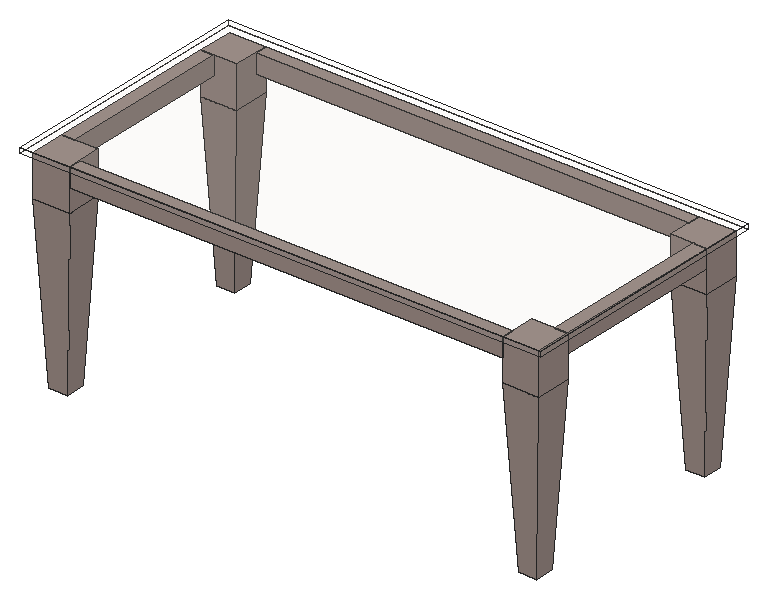
Revit family
Parameters (values of type "1800 x 900mm")
  Width = 900 mm
  Material of Top = Glass Top Material
  Material of Base = Base Material
  Length = 1800 mm
  Height = 750 mm
Types (4, lengths in mm): name | Width | Length | Height
  (no name) | 900 | 1800 | 750
  1800 x 900mm | 900 | 1800 | 750
  1500 x 1500mm | 1500 | 1500 | 450
  600 x 600mm | 600 | 600 | 750
Reference planes
  plane 1 "Center (Front/Back)": y = 0
  plane 2: z = 0
  plane 3 "Center (Left/Right)": x = 0
  plane 4: x = -900
  plane 5: x = 900
  plane 6: y = 450
  plane 7: y = -450
  plane 8: z = 750
Forms (mm)
  Extrusion 1, solid, material "Glass Top Material" <- "Material of Top"
    sketch origin (0, 0, 750) x (1, 0, 0) y (0, -1, 0)
      loop
        line (-900, -450) -> (900, -450) -> (900, 450) -> (-900, 450) -> (-900, -450)
    from 0 to 18
  Extrusion 2, solid, material "Base Material" <- "Material of Base"
    sketch origin (0, 0, 750) x (1, 0, 0) y (0, -1, 0)
      loop
        line (-875, -425) -> (-750, -425) -> (-750, -300) -> (-875, -300) -> (-875, -425)
      loop
        line (875, -425) -> (875, -300) -> (750, -300) -> (750, -425) -> (875, -425)
    from 18 to 162
  Extrusion 3, solid, material "Base Material" <- "Material of Base"
    sketch origin (0, 0, 750) x (1, 0, 0) y (0, -1, 0)
      loop
        line (-875, 425) -> (-875, 300) -> (-750, 300) -> (-750, 425) -> (-875, 425)
      loop
        line (875, 425) -> (750, 425) -> (750, 300) -> (875, 300) -> (875, 425)
    from 18 to 162
  Blend 4, solid, material "Base Material" <- "Material of Base"
    base sketch origin (0, 0, 0) x (1, 0, 0) y (0, 1, 0)
      loop
        line (-845, 395) -> (-845, 330) -> (-780, 330) -> (-780, 395) -> (-845, 395)
    top sketch origin (0, 0, 0) x (1, 0, 0) y (0, 1, 0)
      loop
        line (-875, 425) -> (-875, 300) -> (-750, 300) -> (-750, 425) -> (-875, 425)
    from 0 to 588
  Blend 5, solid, material "Base Material" <- "Material of Base"
    base sketch origin (0, 0, 0) x (1, 0, 0) y (0, 1, 0)
      loop
        line (845, 395) -> (780, 395) -> (780, 330) -> (845, 330) -> (845, 395)
    top sketch origin (0, 0, 0) x (1, 0, 0) y (0, 1, 0)
      loop
        line (750, 425) -> (750, 300) -> (875, 300) -> (875, 425) -> (750, 425)
    from 0 to 588
  Blend 6, solid, material "Base Material" <- "Material of Base"
    base sketch origin (0, 0, 750) x (1, 0, 0) y (0, 1, 0)
      loop
        line (750, -300) -> (750, -425) -> (875, -425) -> (875, -300) -> (750, -300)
    top sketch origin (0, 0, 750) x (1, 0, 0) y (0, 1, 0)
      loop
        line (845, -395) -> (845, -330) -> (780, -330) -> (780, -395) -> (845, -395)
    from -162 to -750
  Blend 7, solid, material "Base Material" <- "Material of Base"
    base sketch origin (0, 0, 750) x (1, 0, 0) y (0, 1, 0)
      loop
        line (-875, -300) -> (-875, -425) -> (-750, -425) -> (-750, -300) -> (-875, -300)
    top sketch origin (0, 0, 750) x (1, 0, 0) y (0, 1, 0)
      loop
        line (-845, -395) -> (-780, -395) -> (-780, -330) -> (-845, -330) -> (-845, -395)
    from -162 to -750
  Extrusion 8, solid, material "Base Material" <- "Material of Base"
    sketch origin (0, 0, 750) x (1, 0, 0) y (0, -1, 0)
      loop
        line (-750, -425) -> (750, -425) -> (750, -380) -> (-750, -380) -> (-750, -425)
    from 18 to 82
  Extrusion 9, solid, material "Base Material" <- "Material of Base"
    sketch origin (0, 0, 750) x (1, 0, 0) y (0, -1, 0)
      loop
        line (-750, 425) -> (-750, 380) -> (750, 380) -> (750, 425) -> (-750, 425)
    from 18 to 82
  Extrusion 10, solid, material "Base Material" <- "Material of Base"
    sketch origin (0, 0, 750) x (1, 0, 0) y (0, -1, 0)
      loop
        line (-875, 300) -> (-875, -300) -> (-830, -300) -> (-830, 300) -> (-875, 300)
    from 18 to 82
  Extrusion 11, solid, material "Base Material" <- "Material of Base"
    sketch origin (0, 0, 750) x (1, 0, 0) y (0, -1, 0)
      loop
        line (875, -300) -> (875, 300) -> (830, 300) -> (830, -300) -> (875, -300)
    from 18 to 82
Dimensions and locks
  equal spacing: plane 4, plane 3 "Center (Left/Right)", plane 5
  "Length": plane 4 to plane 5
  equal spacing: plane 7, plane 1 "Center (Front/Back)", plane 6
  "Width": plane 7 to plane 6
  "Height": level to plane 8
  aligned and locked: plane 4 to Extrusion 1 sketch curve
  aligned and locked: Extrusion 1 sketch curve to plane 6
  aligned and locked: plane 7 to Extrusion 1 sketch curve
  aligned and locked: plane 5 to Extrusion 1 sketch curve
  aligned and locked: Extrusion 1 to plane 8
  aligned and locked: Extrusion 2 to Extrusion 1
  aligned and locked: Extrusion 3 to Extrusion 1
  aligned and locked: Blend 4 sketch curve to Extrusion 2  (x3)
  aligned and locked: Extrusion 2 to Blend 4 sketch curve
  aligned and locked: Blend 4 to Extrusion 2
  aligned and locked: Blend 5 sketch curve to Extrusion 2  (x3)
  aligned and locked: Extrusion 2 to Blend 5 sketch curve
  aligned and locked: Blend 5 to Extrusion 2
  aligned and locked: Blend 6 sketch curve to Extrusion 3  (x3)
  aligned and locked: Extrusion 3 to Blend 6 sketch curve
  aligned and locked: Extrusion 2 to Blend 6
  aligned and locked: Blend 6 to level
  aligned and locked: Blend 5 to level
  aligned and locked: Blend 4 to level
  aligned and locked: Blend 7 sketch curve to Extrusion 3  (x3)
  aligned and locked: Extrusion 3 to Blend 7 sketch curve
  aligned and locked: Blend 7 to level
  aligned and locked: Blend 7 to Extrusion 2
  aligned and locked: Extrusion 8 sketch curve to Extrusion 2  (x2)
  aligned and locked: Extrusion 8 to Extrusion 1
  aligned and locked: Extrusion 3 to Extrusion 9 sketch curve
  aligned and locked: Extrusion 9 sketch curve to Extrusion 3
  aligned and locked: Extrusion 10 sketch curve to Extrusion 2
  aligned and locked: Extrusion 10 sketch curve to Extrusion 3
  aligned and locked: Extrusion 11 sketch curve to Extrusion 2
  aligned and locked: Extrusion 3 to Extrusion 11 sketch curve
Automatic sketch dimensions
  plane 4 to Extrusion 2 sketch curve = 25 mm
  Extrusion 2 sketch curve to Extrusion 2 sketch curve = 125 mm
  Extrusion 2 sketch curve to plane 5 = 150 mm
  Extrusion 2 sketch curve to plane 5 = 25 mm
  plane 6 to Extrusion 2 sketch curve = 150 mm  (x2)
  plane 6 to Extrusion 2 sketch curve = 25 mm  (x2)
  plane 4 to Extrusion 3 sketch curve = 25 mm
  Extrusion 3 sketch curve to Extrusion 3 sketch curve = 125 mm  (x3)
  Extrusion 3 sketch curve to plane 5 = 150 mm
  Extrusion 3 sketch curve to plane 5 = 25 mm
  Extrusion 3 sketch curve to plane 7 = 25 mm  (x2)
  plane 4 to Blend 4 sketch curve = 55 mm
  plane 6 to Blend 4 sketch curve = 55 mm
  Blend 4 sketch curve to Blend 4 sketch curve = 65 mm  (x2)
  plane 6 to Blend 5 sketch curve = 55 mm
  Blend 5 sketch curve to Blend 5 sketch curve = 65 mm  (x2)
  Blend 5 sketch curve to plane 5 = 55 mm
  Blend 6 sketch curve to plane 7 = 55 mm
  Blend 6 sketch curve to plane 5 = 55 mm
  Blend 6 sketch curve to Blend 6 sketch curve = 65 mm  (x2)
  Blend 7 sketch curve to plane 7 = 55 mm
  plane 4 to Blend 7 sketch curve = 55 mm
  Blend 7 sketch curve to Blend 7 sketch curve = 65 mm  (x2)
  plane 6 to Extrusion 8 sketch curve = 70 mm
  plane 6 to Extrusion 8 sketch curve = 25 mm
  Extrusion 9 sketch curve to plane 7 = 70 mm
  Extrusion 9 sketch curve to Extrusion 9 sketch curve = 45 mm
  plane 4 to Extrusion 10 sketch curve = 25 mm
  Extrusion 10 sketch curve to Extrusion 10 sketch curve = 45 mm
  Extrusion 11 sketch curve to plane 5 = 70 mm
  Extrusion 11 sketch curve to plane 5 = 25 mm
